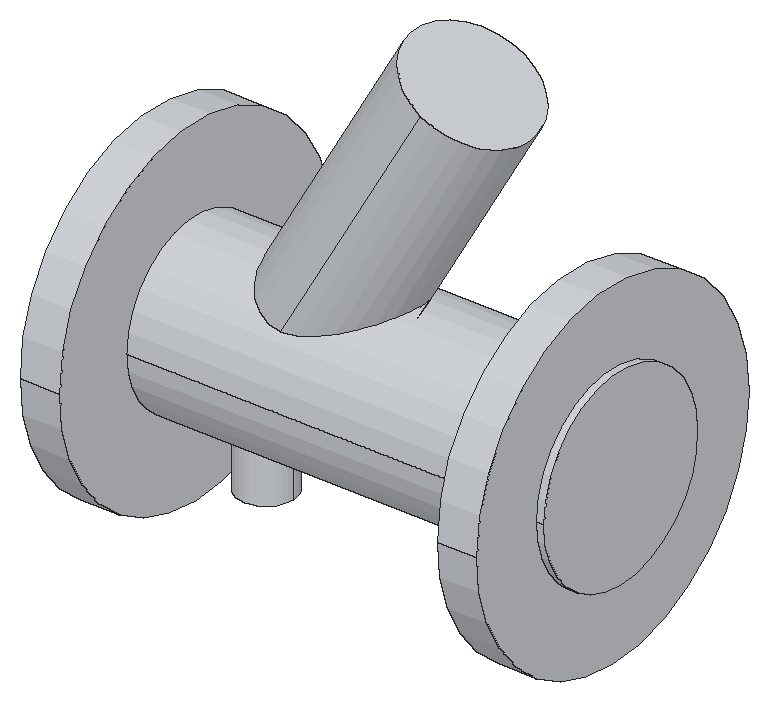
Revit family "HS 821-síto_standard-PN16-DN025-RFA_2019", category Pipe Accessories, Revit 2019
Family settings
  Round Connector Dimension = Use Diameter
  Part Type = Breaks Into
  Work Plane-Based = No
  Always vertical = Yes
  Cut with Voids When Loaded = No
  Shared = No
Parameters (values of type "821A-DN025-PN16-síto_standard")
  magiProductId = "be378b463ed14c3abf4c9b3ae8cf3a"
  magiProductFamilyId = "79214ac3aaa945e397802f559f5c1e"
  magiPartTypeId = 307
  isMeasuringValve [instance] = no
  ang2D [instance] = 0.00°
  ZB__ve = -ZB  # -19.25 mm
  ZB1 = 26.325 mm
  ZB = 19.25 mm
  X2 = 58.601 mm
  X1 = 22.4 mm
  W2D = 15 mm
  VersionID = "2.0/2017.9.26.1/ZETKAMA_821_001"
  Use Minimum Symbol Size [instance] = yes
  URL = "www.hydronix.cz"
  Type Comments = "Filtr přírubový; síto standardní; A-PN16 (-10~300°C); D-PN25 (-10~350°C); F-PN40 (-10~400°C)"
  S = 65 mm
  QmdConnectorList = "301;D;302;D"
  Productdata [instance] = ""
  Manufacturer = "Hydronix"
  MC Product Code = "200 125 (821A; DN025; PN16; kvs14,7; oko síta 1,00mm)"
  LM1 = 12.8 mm
  LM = 128 mm
  L4 = 40 mm
  L2D_Min = 3048 mm
  L2D = 130 mm
  L2 = 80 mm
  HH2 = 101.5 mm
  FD = 115 mm
  Description = "Filtr přírubový; síto standardní; 821A-PN16; 821D-PN25; 821F-PN40"
  DM1 = 43.2 mm
  DM = 58.5 mm
  D = 25 mm
  CC = 2.72 mm
  CAT0 = yes
  C1 = 13.28 mm
  C = 16 mm
  BD = 18.427 mm
Types (40, lengths in mm): name | magiProductId | ZB__ve | ZB1 | ZB | X2 | X1 | S | MC Product Code | LM1 | LM | L4 | L2 | HH2 | FD | DM1 | DM | D | CC | C1 | C | BD
  821A-DN015-PN16-síto_standard | "a71bcfe8b393460598b23e8ddf7dc5" | -16.25 | 18.63 | 16.25 | 46.982 | 18.2 | 46 | "200 115 (821A; DN015; PN16; kvs6,3; oko síta 1,00mm)" | 10.4 | 104 | 32.5 | 65 | 81.375 | 95 | 27.6 | 41.4 | 15 | 2.21 | 10.79 | 13 | 13.041
  821A-DN020-PN16-síto_standard | "41cd6c7a12924f4991217528336076" | -17.75 | 22.68 | 17.75 | 51.673 | 21 | 56 | "200 120 (821A; DN020; PN16; kvs11,2; oko síta 1,00mm)" | 12 | 120 | 37.5 | 75 | 89.5 | 105 | 33.6 | 50.4 | 20 | 2.55 | 12.45 | 15 | 15.876
  821A-DN025-PN16-síto_standard | "be378b463ed14c3abf4c9b3ae8cf3a" | -19.25 | 26.325 | 19.25 | 58.601 | 22.4 | 65 | "200 125 (821A; DN025; PN16; kvs14,7; oko síta 1,00mm)" | 12.8 | 128 | 40 | 80 | 101.5 | 115 | 43.2 | 58.5 | 25 | 2.72 | 13.28 | 16 | 18.427
  821A-DN032-PN16-síto_standard | "227a0d18b21540afabe8b6067d35fa" | -23 | 30.78 | 23 | 68.849 | 25.2 | 76 | "200 132 (821A; DN032; PN16; kvs23,7; oko síta 1,00mm)" | 14.4 | 144 | 45 | 90 | 119.25 | 140 | 50.4 | 68.4 | 32 | 3.06 | 14.94 | 18 | 21.546
  821A-DN040-PN16-síto_standard | "d106917c74724141a10440112d0102" | -24.5 | 34.02 | 24.5 | 75.777 | 28 | 84 | "200 140 (821A; DN040; PN16; kvs37,7; oko síta 1,00mm)" | 16 | 160 | 50 | 100 | 131.25 | 150 | 60 | 75.6 | 40 | 3.4 | 16.6 | 20 | 23.814
  821A-DN050-PN16-síto_standard | "8255d456a09e4f6486734f5dd9171b" | -26.75 | 40.095 | 26.75 | 79.061 | 32.2 | 99 | "200 150 (821A; DN050 PN16; kvs57,9; oko síta 1,00mm)" | 18.4 | 184 | 57.5 | 115 | 136.938 | 165 | 73.8 | 89.1 | 50 | 3.91 | 19.09 | 23 | 28.066
  821A-DN065-PN16-síto_standard | "235b1b3e4c0843779a4d5e3716d40a" | -29.75 | 47.79 | 29.75 | 86.927 | 40.6 | 118 | "200 165 (821A; DN065; PN16; kvs101,5; oko síta 1,25mm)" | 23.2 | 232 | 72.5 | 145 | 150.562 | 185 | 94.2 | 106.2 | 65 | 4.93 | 24.07 | 29 | 33.453
  821A-DN080-PN16-síto_standard | "a067f7c5236348ed8c820d16df7214" | -32 | 53.46 | 32 | 104.753 | 43.4 | 132 | "200 180 (821A; DN080; PN16; kvs147,4; oko síta 1,25mm)" | 24.8 | 248 | 77.5 | 155 | 181.438 | 200 | 107.4 | 118.8 | 80 | 5.27 | 25.73 | 31 | 37.422
  821A-DN100-PN16-síto_standard | "c49a648c2747461285837d643703cd" | -35 | 63.18 | 35 | 114.857 | 49 | 156 | "200 190 (821A; DN100; PN16; kvs209,6; oko síta 1,60mm)" | 28 | 280 | 87.5 | 175 | 198.937 | 220 | 131.4 | 140.4 | 100 | 5.95 | 29.05 | 35 | 44.226
  821A-DN125-PN16-síto_standard | "bf68e728a163493cbd2a663b26ebdc" | -39.5 | 74.52 | 39.5 | 131.888 | 56 | 184 | "200 191 (821A; DN125; PN16; kvs326,2; oko síta 1,60mm)" | 32 | 320 | 100 | 200 | 228.438 | 250 | 165 | 165.6 | 125 | 6.8 | 33.2 | 40 | 52.164
  821A-DN150-PN16-síto_standard | "2de770284b654863ae6bc865769dc5" | -44.75 | 85.455 | 44.75 | 155.885 | 67.2 | 211 | "200 192 (821A; DN150; PN16; kvs403; oko síta 1,60mm)" | 38.4 | 384 | 120 | 240 | 270 | 285 | 192 | 189.9 | 150 | 8.16 | 39.84 | 48 | 59.818
  821A-DN200-PN16-síto_standard | "8e5693371ab64aabb29a7f08c76e15" | -53 | 107.73 | 53 | 188.361 | 84 | 266 | "200 193 (821A; DN200; PN16; kvs707; oko síta 1,60mm)" | 48 | 480 | 150 | 300 | 326.25 | 340 | 252 | 239.4 | 200 | 10.2 | 49.8 | 60 | 75.411
  821A-DN250-PN16-síto_standard | "05e37ed948c34047acdd4c42556504" | -62.75 | 129.195 | 62.75 | 255.911 | 102.2 | 319 | "200 194 (821A; DN250; PN16; kvs1234; oko síta 1,60mm)" | 58.4 | 584 | 182.5 | 365 | 443.25 | 405 | 309.6 | 287.1 | 250 | 12.41 | 60.59 | 73 | 90.436
  821A-DN300-PN16-síto_standard | "9ad0af747269428da925480d83ce80" | -71 | 149.85 | 71 | 325.914 | 119 | 370 | "200 195 (821A; DN300; PN16; kvs1916; oko síta 1,60mm)" | 68 | 680 | 212.5 | 425 | 564.5 | 460 | 369.6 | 333 | 300 | 14.45 | 70.55 | 85 | 104.895
  821A-DN350-PN16-síto_standard | "eebc71459bb3451bb4355e7951370a" | -80 | 173.745 | 80 | 356.875 | 137.2 | 429 | "200 196 (821A; DN350; PN16; kvs2621; oko síta 1,60mm)" | 78.4 | 784 | 245 | 490 | 618.125 | 520 | 438 | 386.1 | 350 | 16.66 | 81.34 | 98 | 121.621
  821A-DN400-PN16-síto_standard | "d2f677cb196647e385b2590e7d8abe" | -89 | 194.4 | 89 | 392.237 | 154 | 480 | "200 197 (821A; DN400; PN16; kvs3460; oko síta 1,60mm)" | 88 | 880 | 275 | 550 | 679.375 | 580 | 498 | 432 | 400 | 18.7 | 91.3 | 110 | 136.08
  821D-DN015-PN25-síto_standard | "27ddcbf555414f8ca1fde329bf9087" | -16.25 | 18.63 | 16.25 | 46.982 | 18.2 | 46 | "200 215 (821D; DN015; PN25; kvs6,3; oko síta 1,00mm)" | 10.4 | 104 | 32.5 | 65 | 81.375 | 95 | 27.6 | 41.4 | 15 | 2.21 | 10.79 | 13 | 13.041
  821D-DN020-PN25-síto_standard | "270e0f14012f47189cd0235c18faee" | -17.75 | 22.68 | 17.75 | 51.673 | 21 | 56 | "200 220 (821D; DN020; PN25; kvs11,2; oko síta 1,00mm)" | 12 | 120 | 37.5 | 75 | 89.5 | 105 | 33.6 | 50.4 | 20 | 2.55 | 12.45 | 15 | 15.876
  821D-DN025-PN25-síto_standard | "b9a7fb4aa36643878c637d8e1ab992" | -19.25 | 26.325 | 19.25 | 58.601 | 22.4 | 65 | "200 225 (821D; DN025; PN25; kvs14,7; oko síta 1,00mm)" | 12.8 | 128 | 40 | 80 | 101.5 | 115 | 43.2 | 58.5 | 25 | 2.72 | 13.28 | 16 | 18.427
  821D-DN032-PN25-síto_standard | "6be9a55c4e68400f94eec7e804204c" | -23 | 30.78 | 23 | 68.849 | 25.2 | 76 | "200 232 (821D; DN032; PN25; kvs23,7; oko síta 1,00mm)" | 14.4 | 144 | 45 | 90 | 119.25 | 140 | 50.4 | 68.4 | 32 | 3.06 | 14.94 | 18 | 21.546
  821D-DN040-PN25-síto_standard | "c54511bd7f584ec2984291479612cb" | -24.5 | 34.02 | 24.5 | 75.777 | 28 | 84 | "200 240 (821D; DN040; PN25; kvs37,7; oko síta 1,00mm)" | 16 | 160 | 50 | 100 | 131.25 | 150 | 60 | 75.6 | 40 | 3.4 | 16.6 | 20 | 23.814
  821D-DN050-PN25-síto_standard | "5483b1f596b04cd39b23a14a22c90e" | -26.75 | 40.095 | 26.75 | 79.061 | 32.2 | 99 | "200 250 (821D; DN050; PN25; kvs57,9; oko síta 1,00mm)" | 18.4 | 184 | 57.5 | 115 | 136.938 | 165 | 73.8 | 89.1 | 50 | 3.91 | 19.09 | 23 | 28.066
  821D-DN065-PN25-síto_standard | "767b0f8318e94750bc7a9930ed5b30" | -29.75 | 47.79 | 29.75 | 86.927 | 40.6 | 118 | "200 265 (821D; DN065; PN25; kvs101,5; oko síta 1,25mm)" | 23.2 | 232 | 72.5 | 145 | 150.562 | 185 | 94.2 | 106.2 | 65 | 4.93 | 24.07 | 29 | 33.453
  821D-DN080-PN25-síto_standard | "e21040fa3cc2404b858198f6b73709" | -32 | 53.46 | 32 | 104.753 | 43.4 | 132 | "200 280 (821D; DN080; PN25; kvs147,4; oko síta 1,25mm)" | 24.8 | 248 | 77.5 | 155 | 181.438 | 200 | 107.4 | 118.8 | 80 | 5.27 | 25.73 | 31 | 37.422
  821D-DN100-PN25-síto_standard | "175ca87a506b40b3bc6b82f12f33cf" | -37.25 | 63.18 | 37.25 | 114.857 | 49 | 156 | "200 290 (821D; DN100; PN25; kvs209,6; oko síta 1,60mm)" | 28 | 280 | 87.5 | 175 | 198.937 | 235 | 131.4 | 140.4 | 100 | 5.95 | 29.05 | 35 | 44.226
  821D-DN125-PN25-síto_standard | "77cc98d60da24855999a22dff726b2" | -42.5 | 74.52 | 42.5 | 131.888 | 56 | 184 | "200 291 (821D; DN125; PN25; kvs326,2; oko síta 1,60mm)" | 32 | 320 | 100 | 200 | 228.438 | 270 | 165 | 165.6 | 125 | 6.8 | 33.2 | 40 | 52.164
  821D-DN150-PN25-síto_standard | "9cf8acfcd15547d68e83172d3abcbe" | -47 | 85.455 | 47 | 155.885 | 67.2 | 211 | "200 292 (821D; DN150; PN25; kvs403; oko síta 1,60mm)" | 38.4 | 384 | 120 | 240 | 270 | 300 | 192 | 189.9 | 150 | 8.16 | 39.84 | 48 | 59.818
  821D-DN200-PN25-síto_standard | "16973f3c9ea14389ba8602495a6b64" | -56 | 110.97 | 56 | 188.361 | 84 | 274 | "200 293 (821D; DN200; PN25; kvs707; oko síta 1,60mm)" | 48 | 480 | 150 | 300 | 326.25 | 360 | 252 | 246.6 | 200 | 10.2 | 49.8 | 60 | 77.679
  821F-DN015-PN40-síto_standard | "4c7eaf3c4c0340888b3e684d8a8616" | -16.25 | 18.225 | 16.25 | 46.982 | 18.2 | 45 | "240 615 (821F; DN015; PN40; kvs6,3; oko síta 1,00mm)" | 10.4 | 104 | 32.5 | 65 | 81.375 | 95 | 27.6 | 40.5 | 15 | 2.21 | 10.79 | 13 | 12.757
  821F-DN020-PN40-síto_standard | "aaac5f1ec96b44d6ba96ac2293d66d" | -17.75 | 23.49 | 17.75 | 51.673 | 21 | 58 | "240 620 (821F; DN020; PN40; kvs11,2; oko síta 1,00mm)" | 12 | 120 | 37.5 | 75 | 89.5 | 105 | 33.6 | 52.2 | 20 | 2.55 | 12.45 | 15 | 16.443
  821F-DN025-PN40-síto_standard | "504768023968471481789485b54c7e" | -19.25 | 27.54 | 19.25 | 58.601 | 22.4 | 68 | "240 625 (821F; DN025; PN40; kvs14,7; oko síta 1,00mm)" | 12.8 | 128 | 40 | 80 | 101.5 | 115 | 43.2 | 61.2 | 25 | 2.72 | 13.28 | 16 | 19.278
  821F-DN032-PN40-síto_standard | "165e7f39cf744f329bdf1c400dad12" | -23 | 31.59 | 23 | 68.849 | 25.2 | 78 | "240 632 (821F; DN032; PN40; kvs23,7; oko síta 1,00mm)" | 14.4 | 144 | 45 | 90 | 119.25 | 140 | 50.4 | 70.2 | 32 | 3.06 | 14.94 | 18 | 22.113
  821F-DN040-PN40-síto_standard | "b8903f952089408fbf3a5a632bab1f" | -24.5 | 35.64 | 24.5 | 75.777 | 28 | 88 | "240 640 (821F; DN040; PN40; kvs37,7; oko síta 1,00mm)" | 16 | 160 | 50 | 100 | 131.25 | 150 | 60 | 79.2 | 40 | 3.4 | 16.6 | 20 | 24.948
  821F-DN050-PN40-síto_standard | "c451f97266fe48da8f879cb6a2bd44" | -26.75 | 41.31 | 26.75 | 79.061 | 32.2 | 102 | "240 650 (821F; DN050; PN40; kvs57,9; oko síta 1,00mm)" | 18.4 | 184 | 57.5 | 115 | 136.938 | 165 | 73.8 | 91.8 | 50 | 3.91 | 19.09 | 23 | 28.917
  821F-DN065-PN40-síto_standard | "dc9821e3f9b34e128f6a8c6b34c198" | -29.75 | 49.41 | 29.75 | 86.927 | 40.6 | 122 | "240 665 (821F; DN065; PN40; kvs101,5; oko síta 1,25mm)" | 23.2 | 232 | 72.5 | 145 | 150.562 | 185 | 94.2 | 109.8 | 65 | 4.93 | 24.07 | 29 | 34.587
  821F-DN080-PN40-síto_standard | "689aa1e260f84cf4994f027a1d86b5" | -32 | 55.89 | 32 | 104.753 | 43.4 | 138 | "240 680 (821F; DN080; PN40; kvs147,4; oko síta 1,25mm)" | 24.8 | 248 | 77.5 | 155 | 181.438 | 200 | 107.4 | 124.2 | 80 | 5.27 | 25.73 | 31 | 39.123
  821F-DN100-PN40-síto_standard | "8a45d4e8e2ab425f8c432f21d684f3" | -37.25 | 65.61 | 37.25 | 114.857 | 49 | 162 | "240 690 (821F; DN100; PN40; kvs209,6; oko síta 1,6mm)" | 28 | 280 | 87.5 | 175 | 198.937 | 235 | 131.4 | 145.8 | 100 | 5.95 | 29.05 | 35 | 45.927
  821F-DN125-PN40-síto_standard | "cf073904c006406b8645afa67ea2fc" | -42.5 | 76.14 | 42.5 | 131.888 | 56 | 188 | "240 691 (821F; DN125; PN40; kvs326,2; oko síta 1,6mm)" | 32 | 320 | 100 | 200 | 228.438 | 270 | 165 | 169.2 | 125 | 6.8 | 33.2 | 40 | 53.298
  821F-DN150-PN40-síto_standard | "0153b9ddabe14992a630484929fdbc" | -47 | 88.29 | 47 | 155.885 | 67.2 | 218 | "240 692 (821F; DN150; PN40; kvs403; oko síta 1,6mm)" | 38.4 | 384 | 120 | 240 | 270 | 300 | 192 | 196.2 | 150 | 8.16 | 39.84 | 48 | 61.803
  821F-DN200-PN40-síto_standard | "7fb3fc01dd8d42428c203e3f8dd4d5" | -56 | 115.425 | 56 | 188.361 | 84 | 285 | "240 693 (821F; DN200; PN40; kvs707; oko síta 1,6mm)" | 48 | 480 | 150 | 300 | 326.25 | 360 | 252 | 256.5 | 200 | 10.2 | 49.8 | 60 | 80.797
Reference planes
  plane 1 "Center (Front/Back)": y = 0
  plane 2 "XYPLANE": z = 0
  plane 3 "Center (Left/Right)": x = 0
  plane 4 "109": x = -51.2
  plane 5 "108": x = 64
  plane 6 "107": x = -64
  plane 7 "105": x = 80
  plane 8 "104": x = -80
  plane 9 "103": y = 0
  plane 10 "102": z = 0
  plane 11 "101": x = -77.28
  plane 12 "100": x = 77.28
  plane 13 "11": x = -28.8
  plane 14 "10": z = 101.5
  plane 15 "9": x = 29.801
  plane 16 "5": z = -26.325
  plane 17 "4": x = -40
  plane 18 "1": x = 40
Forms (mm)
  Extrusion 1, solid, visible <- "CAT0"
    sketch origin (-64, -750, 0) x (0, 1, 0) y (0, 0, 1)
      loop
        circle (750, 0) r 29.25
    from 0 to 128 <- "LM"
  Extrusion 2, solid
    sketch origin (-80, -750, 0) x (0, 1, 0) y (0, 0, 1)
      loop
        circle (750, 0) r 32.5
    from 0 to 2.72 <- "CC"
  Extrusion 3, solid
    sketch origin (-77.28, -750, 0) x (0, 1, 0) y (0, 0, 1)
      loop
        circle (750, 0) r 57.5
    from 0 to 13.28 <- "C1"
  Extrusion 4, solid
    sketch origin (64, -750, 0) x (0, 1, 0) y (0, 0, 1)
      loop
        circle (750, 0) r 57.5
    from 0 to 13.28 <- "C1"
  Extrusion 5, solid
    sketch origin (77.28, -750, 0) x (0, 1, 0) y (0, 0, 1)
      loop
        circle (750, 0) r 32.5
    from 0 to 2.72 <- "CC"
  Sweep 6, solid, visible <- "CAT0"
    path origin (750, 0, 0) x (-1, 0, 0) y (0, 0, 1)
      loop
        line (814, 0) -> (778.8, 0) -> (720.199, 101.5)
    profile origin (-64, 0, 0) x (0, 0, -1) y (0, 1, 0)
      loop
        circle (0, 0) r 21.6
  Extrusion 7, solid, visible <- "CAT0"
    sketch origin (-750, 0, -26.325) x (1, 0, 0) y (0, 1, 0)
      loop
        circle (710, 0) r 9.214
    from 0 to -19.25 <- "ZB__ve"
  Extrusion 8, solid, visible <- "CAT0"
    sketch origin (-750, 0, -26.325) x (1, 0, 0) y (0, 1, 0)
      loop
        circle (790, 0) r 9.214
    from 0 to -19.25 <- "ZB__ve"
  Extrusion 9, solid, not visible
    sketch origin (80, -750, 0) x (0, 1, 0) y (0, 0, 1)
      loop
        circle (750, 0) r 10
    from 0 to -10
  Extrusion 10, solid, not visible
    sketch origin (-80, -750, 0) x (0, 1, 0) y (0, 0, 1)
      loop
        circle (750, 0) r 10
    from 0 to 10
Lines and regions (mm)
  reference lines, not visible
    curve 1: circle (2, 2, 0) r 1 normal (0, 0, 1)
Dimensions and locks
  plane 1 "Center (Front/Back)" to curve 1 = 2 mm
  "LM1": plane 6 "107" to plane 4 "109"
  "LM": plane 6 "107" to plane 5 "108"
  "C": plane 8 "104" to plane 6 "107"
  "L2": plane 3 "Center (Left/Right)" to plane 7 "105"
  "L2": plane 3 "Center (Left/Right)" to plane 8 "104"
  locked: plane 1 "Center (Front/Back)" to plane 9 "103"
  locked: plane 2 "XYPLANE" to plane 10 "102"
  "CC": plane 8 "104" to plane 11 "101"
  "C1": plane 5 "108" to plane 12 "100"
  "X1": plane 4 "109" to plane 13 "11"
  "HH2": plane 2 "XYPLANE" to plane 14 "10"
  "X2": plane 13 "11" to plane 15 "9"
  "ZB1": plane 2 "XYPLANE" to plane 16 "5"
  "L4": plane 8 "104" to plane 17 "4"
  "L2": plane 17 "4" to plane 18 "1"
  Sweep 6 sketch curve to Sweep 6 sketch curve = 0 mm  (x2)
  "DM": diameter of Extrusion 1 sketch curve
  "S": diameter of Extrusion 2 sketch curve
  "FD": diameter of Extrusion 3 sketch curve
  "FD": diameter of Extrusion 4 sketch curve
  "S": diameter of Extrusion 5 sketch curve
  "DM1": diameter of Sweep 6 sketch curve
  "BD": diameter of Extrusion 7 sketch curve
  "BD": diameter of Extrusion 8 sketch curve
  aligned and locked: level to plane 2 "XYPLANE"
  aligned and locked: Extrusion 1 sketch curve to plane 9 "103"
  aligned and locked: plane 10 "102" to Extrusion 1 sketch curve
  aligned and locked: Extrusion 2 sketch curve to plane 9 "103"
  aligned and locked: plane 10 "102" to Extrusion 2 sketch curve
  aligned and locked: Extrusion 3 sketch curve to plane 9 "103"
  aligned and locked: plane 10 "102" to Extrusion 3 sketch curve
  aligned and locked: Extrusion 4 sketch curve to plane 9 "103"
  aligned and locked: plane 10 "102" to Extrusion 4 sketch curve
  aligned and locked: Extrusion 5 sketch curve to plane 9 "103"
  aligned and locked: plane 10 "102" to Extrusion 5 sketch curve
  aligned and locked: Sweep 6 sketch curve to plane 9 "103"
  aligned and locked: plane 10 "102" to Sweep 6 sketch curve  (x3)
  aligned and locked: plane 6 "107" to Sweep 6 sketch curve
  aligned and locked: plane 13 "11" to Sweep 6 sketch curve
  aligned and locked: plane 14 "10" to Sweep 6 sketch curve
  aligned and locked: plane 15 "9" to Sweep 6 sketch curve
  aligned and locked: plane 9 "103" to Extrusion 7 sketch curve
  aligned and locked: plane 17 "4" to Extrusion 7 sketch curve
  aligned and locked: plane 9 "103" to Extrusion 8 sketch curve
  aligned and locked: plane 18 "1" to Extrusion 8 sketch curve
  aligned and locked: Extrusion 9 sketch curve to plane 9 "103"
  aligned and locked: plane 10 "102" to Extrusion 9 sketch curve
  aligned and locked: Extrusion 10 sketch curve to plane 9 "103"
  aligned and locked: plane 10 "102" to Extrusion 10 sketch curve
Automatic sketch dimensions
  plane 1 "Center (Front/Back)" to Extrusion 9 sketch curve = 10 mm
  plane 1 "Center (Front/Back)" to Extrusion 10 sketch curve = 10 mm
  plane 3 "Center (Left/Right)" to curve 1 = 2 mm
  radius of curve 1 = 1 mm
Connectors
  piping at (-80, 0, 0), diameter 25, driven by "D"
    settings: on Extrusion 10, index 1, connector inside diameter 609.6 mm, connector length 0 mm, flow factor 0, pipe flow 0.0 L/s, pressure drop 0.0 Pa, fitting loss kfactor 0, connector angle 0.00°, fixture units 0, engagement length 0 mm, angle of deflection 0.00°, flow configuration 0, flow direction 0, fitting loss method 0, system type 29, joint type 0, gender type 0, connector reference index 2, connector utility 0, adjustable connector no, is connector primary yes, connector description ""
  piping at (80, 0, 0), diameter 25, driven by "D"
    settings: on Extrusion 9, index 2, connector inside diameter 609.6 mm, connector length 0 mm, flow factor 0, pipe flow 0.0 L/s, pressure drop 0.0 Pa, fitting loss kfactor 0, connector angle 0.00°, fixture units 0, engagement length 0 mm, angle of deflection 0.00°, flow configuration 0, flow direction 0, fitting loss method 0, system type 29, joint type 0, gender type 0, connector reference index 1, connector utility 0, adjustable connector no, is connector primary no, connector description ""
